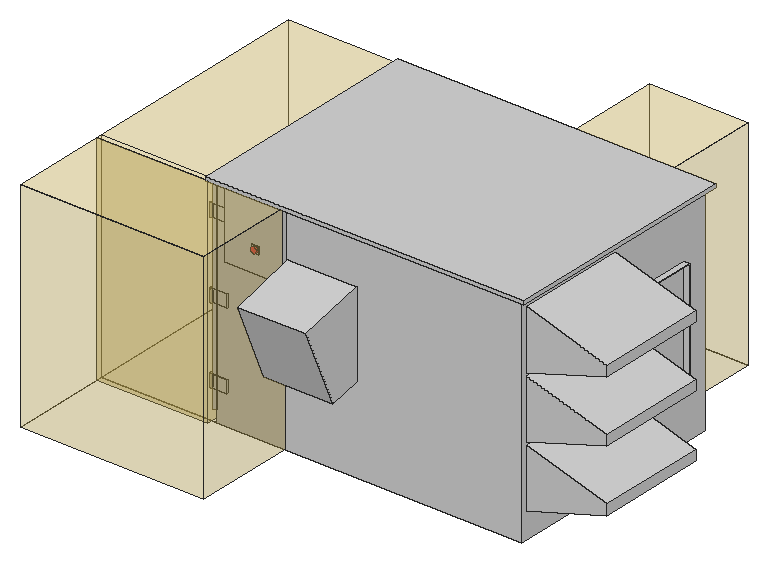
Revit family "Ventilator-RenewAire-Energy-Recovery-HE8XRTH", category Mechanical Equipment, Revit 2015
Parameters (values of type "7.5 HP 575V Three Phase")
  Voltage = "575"
  Ventilation Type = "Static Plate, Heat and Humidity Transfer"
  Unit Width = "140-1/2\""
  Unit Weight = "2,232 - 2,914 lbs."
  Unit Length = "106-1/2\""
  Unit Height = "81-3/4\""
  Unit = Metal - RenewAire - Anodized - Gray Text
  URL = "www.renewaire.com"
  Typical Airflow Range = "2,000-7,950 CFM"
  Standard Features = "TEFC Premium efficiency motors, Motor starters, Non-fused disconnect, 24 VAC transformer/relay package"
  Shipping Weight = "3,254 lbs."
  Service Area Visibility = yes
  Service Area Box = Interference - RenewAire - Smooth - Light - Gold
  Revit Object Download Link = ""
  Phase = "Three"
  Options = "Integrated programmable controls, Fused disconnect, Double wall construction, Factory supplied and mounted variable frequency drives (VFDs) - one or both airstreams, Class 1 low-leakage motorized isolation dampers - OA, EA or both airstreams, Qty. 2 Factory mounted filter alarms, Exterior Paint - white, custom colors"
  Number Motors = "Qty. 2, Belt drive blower/ standard motor packages with adjustable sheaves"
  Model = "HE8XRTH"
  Minimum Circuit Amps = "17.1 A"
  Maximum Overcurrent Protection = "20 A"
  Max. Shipping Width = "90\""
  Max. Shipping Length = "116\""
  Max. Shipping Height = "90\""
  Manufacturer = "RenewAire LLC"
  Frequency = "60 HZ"
  FLA per Motor = "7.6"
  Description = "Energy Recovery Ventilator"
  Connector Base Material = Glass - With - Transparency
  Accessories = "Filters - MERV 13, 2\" (shipped loose), Roof curb - standard 14\", Curb wind clip, Engineered combo curb for Carrier RTU, Engineered combo curb for Trane RTU, Digital time clock - wall mount(TC7D-W), in exterior enclosure (TC7D-E), Motion occupancy control - ceiling mount(MC-C), wall mount(MC-W), Carbon Dioxide control - wall mount (CO2-W), duct mount(CO2-D), Electric duct heater – EK series (1-60 kW), EH series (61-175 kW); designed for indoor ductwork installation only, Indirect gas-fired duct furnace - GH series (50-400 MBH), installed downstream of any fans"
  AHRI 1060 Certified Core = "Eight L125-G5"
Types (10): name | Voltage | Minimum Circuit Amps | Maximum Overcurrent Protection | FLA per Motor
  (no name) | "575" | "17.1 A" | "20 A" | "7.6"
  5.0 HP 208-230V Three Phase | "208-230" | "32.6 A" | "45 A" | "14.5-13.4"
  5.0 HP 460V Three Phase | "460" | "15.1 A" | "20 A" | "6.7"
  5.0 HP 575V Three Phase | "575" | "11.9 A" | "15 A" | "5.3"
  7.5 HP 208-230V Three Phase | "208-230" | "47.3 A" | "60 A" | "21.0-19.0"
  7.5 HP 460V Three Phase | "460" | "21.4 A" | "25 A" | "9.5"
  7.5 HP 575V Three Phase | "575" | "17.1 A" | "20 A" | "7.6"
  10.0 HP 208-230V Three Phase | "208-230" | "60.8" | "80" | "27.0-25.0"
  10.0 HP 460V Three Phase | "460" | "28.1" | "35" | "12.5"
  10.0 HP 575V Three Phase | "575" | "22.0" | "30" | "9.76"
Reference planes (in)
  plane 1 "Center (Front/Back)": y = 0
  plane 2: z = 0
  plane 3 "Center (Left/Right)": x = 0
  plane 4: y = 41.875
  plane 5: y = -41.875
  plane 6: x = 56.3125
  plane 7: x = -57.1875
  plane 8: z = 82
  plane 9: x = -4.5625
  plane 10: x = -28.8125
Forms (in)
  Extrusion 1, solid, material "Metal - RenewAire - Anodized - Gray Text" <- "Unit"
    sketch origin (0, 0, 0) x (1, 0, 0) y (0, 1, 0)
      loop
        line (-54, 40.5) -> (-54, -40.5) -> (54, -40.5) -> (54, 40.5) -> (-54, 40.5)
    from 0 to 77
  Extrusion 2, solid, material "Metal - RenewAire - Anodized - Gray Text"
    sketch origin (0, 0, 0) x (1, 0, 0) y (0, 1, 0)
      loop
        line (-56.3125, 42.5) -> (-56.3125, -42.5) -> (56.3125, -42.5) -> (56.3125, 42.5) -> (-56.3125, 42.5)
    from 77 to 78.25
  Extrusion 3, solid, material "Metal - RenewAire - Anodized - Gray Text"
    sketch origin (0, 0, 0) x (1, 0, 0) y (0, 1, 0)
      loop
        line (-54, -40.5) -> (-54, -1.25) -> (-55.5625, -1.25) -> (-55.5625, -40.5) -> (-54, -40.5)
    from 4 to 76
  Extrusion 4, solid, material "Metal - RenewAire - Anodized - Gray Text"
    sketch origin (0, 41.75, 0) x (1, 0, 0) y (0, 1, 0)
      loop
        line (-54, -40.5) -> (-54, -1.25) -> (-55.5625, -1.25) -> (-55.5625, -40.5) -> (-54, -40.5)
    from 4 to 76
  Extrusion 5, solid, material "Metal - RenewAire - Anodized - Gray Text"
    sketch origin (0, 0, 0) x (1, 0, 0) y (0, 0, 1)
      loop
        line (-55.5625, 15.181) -> (-55.5625, 10.75) -> (-50.25, 10.75) -> (-50.25, 15.181) -> (-55.5625, 15.181)
      loop
        line (-55.5625, 42.222) -> (-55.5625, 37.778) -> (-50.25, 37.778) -> (-50.25, 42.222) -> (-55.5625, 42.222)
      loop
        line (-55.5625, 69.25) -> (-55.5625, 64.819) -> (-50.25, 64.819) -> (-50.25, 69.25) -> (-55.5625, 69.25)
    from 40.5 to 40.625
  Extrusion 6, solid, material "Metal - RenewAire - Anodized - Gray Text"
    sketch origin (0, 0, 0) x (1, 0, 0) y (0, 0, 1)
      loop
        line (-55.5625, 15.181) -> (-55.5625, 10.75) -> (-50.25, 10.75) -> (-50.25, 15.181) -> (-55.5625, 15.181)
      loop
        line (-55.5625, 42.222) -> (-55.5625, 37.778) -> (-50.25, 37.778) -> (-50.25, 42.222) -> (-55.5625, 42.222)
      loop
        line (-55.5625, 69.25) -> (-55.5625, 64.819) -> (-50.25, 64.819) -> (-50.25, 69.25) -> (-55.5625, 69.25)
    from -40.625 to -40.5
  Extrusion 7, solid, material "Metal - RenewAire - Anodized - Gray Text"
    sketch origin (0, 0, 0) x (1, 0, 0) y (0, 1, 0)
      loop
        circle (-55.9375, -40.5) r 0.375
    from 10.75 to 15.181
  Extrusion 8, solid, material "Metal - RenewAire - Anodized - Gray Text"
    sketch origin (0, 0, 0) x (1, 0, 0) y (0, 1, 0)
      loop
        circle (-55.9375, -40.5) r 0.375
    from 37.778 to 42.222
  Extrusion 9, solid, material "Metal - RenewAire - Anodized - Gray Text"
    sketch origin (0, 0, 0) x (1, 0, 0) y (0, 1, 0)
      loop
        circle (-55.9375, -40.5) r 0.375
    from 64.819 to 69.25
  Extrusion 10, solid, material "Metal - RenewAire - Anodized - Gray Text"
    sketch origin (0, 81, 0) x (1, 0, 0) y (0, 1, 0)
      loop
        circle (-55.9375, -40.5) r 0.375
    from 10.75 to 15.181
  Extrusion 11, solid, material "Metal - RenewAire - Anodized - Gray Text"
    sketch origin (0, 81, 0) x (1, 0, 0) y (0, 1, 0)
      loop
        circle (-55.9375, -40.5) r 0.375
    from 37.778 to 42.222
  Extrusion 12, solid, material "Metal - RenewAire - Anodized - Gray Text"
    sketch origin (0, 81, 0) x (1, 0, 0) y (0, 1, 0)
      loop
        circle (-55.9375, -40.5) r 0.375
    from 64.819 to 69.25
  Extrusion 13, void
    sketch origin (0, 0, 0) x (1, 0, 0) y (0, 0, 1)
      loop
        line (-9.9375, 32) -> (-25.8125, 32) -> (-25.8125, 10.25) -> (-9.9375, 10.25) -> (-9.9375, 32)
    from -40.625 to -37.83362
  Extrusion 14, solid, material "Metal - RenewAire - Anodized - Gray Text"
    sketch origin (0, 0, 0) x (1, 0, 0) y (0, 0, 1)
      loop
        line (-50.25, 77) -> (-50.25, 53) -> (-29.75, 53) -> (-29.75, 77) -> (-50.25, 77)
    from 40.5 to 41.75
  Extrusion 15, solid, material "Metal - RenewAire - Anodized - Gray Text"
    sketch origin (0, 0, 0) x (1, 0, 0) y (0, 0, 1)
      loop
        line (-40.6, 62.1) -> (-40.6, 59.6) -> (-38.1, 59.6) -> (-38.1, 62.1) -> (-40.6, 62.1)
    from 41.75 to 41.875
  Extrusion 16, solid, material "Plastic Red"
    sketch origin (0, 0, 0) x (1, 0, 0) y (0, 0, 1)
      loop
        circle (-39.35, 60.85) r 1
    from 41.75 to 42.5
  Extrusion 17, solid, material "Metal - RenewAire - Anodized - Gray Text"
    sketch origin (0, 0, 0) x (0, 1, 0) y (0, 0, 1)
      loop
        circle (-3.25, 67.0345) r 0.25
    from -56.3125 to -55.5625
  Extrusion 18, solid, material "Metal - RenewAire - Anodized - Gray Text"
    sketch origin (0, 0, 0) x (1, 0, 0) y (0, 0, 1)
      loop
        line (-56.3125, 67.2845) -> (-57.1875, 67.2845) -> (-57.1875, 66.7845) -> (-56.3125, 66.7845) -> (-56.3125, 67.2845)
    from 2.95437 to 6.64353
  Extrusion 19, solid, material "Metal - RenewAire - Anodized - Gray Text"
    sketch origin (0, 0, -54.0845) x (0, 1, 0) y (0, 0, 1)
      loop
        circle (-3.25, 67.0345) r 0.25
    from -56.3125 to -55.5625
  Extrusion 20, solid, material "Metal - RenewAire - Anodized - Gray Text"
    sketch origin (0, 0, -54.0845) x (1, 0, 0) y (0, 0, 1)
      loop
        line (-56.3125, 67.2845) -> (-57.1875, 67.2845) -> (-57.1875, 66.7845) -> (-56.3125, 66.7845) -> (-56.3125, 67.2845)
    from 2.95437 to 6.64353
  Extrusion 21, solid, material "Metal - RenewAire - Anodized - Gray Text"
    sketch origin (0, -0.02735, 79.9845) x (0, -1, 0) y (0, 0, -1)
      loop
        circle (-3.25, 67.0345) r 0.25
    from -56.3125 to -55.5625
  Extrusion 22, solid, material "Metal - RenewAire - Anodized - Gray Text"
    sketch origin (0, -0.02735, 79.9845) x (1, 0, 0) y (0, 0, -1)
      loop
        line (-56.3125, 67.2845) -> (-57.1875, 67.2845) -> (-57.1875, 66.7845) -> (-56.3125, 66.7845) -> (-56.3125, 67.2845)
    from 2.95437 to 7.02735
  Extrusion 23, solid, material "Metal - RenewAire - Anodized - Gray Text"
    sketch origin (0, -0.02735, 134.069) x (0, -1, 0) y (0, 0, -1)
      loop
        circle (-3.25, 67.0345) r 0.25
    from -56.3125 to -55.5625
  Extrusion 24, solid, material "Metal - RenewAire - Anodized - Gray Text"
    sketch origin (0, -0.02735, 134.069) x (1, 0, 0) y (0, 0, -1)
      loop
        line (-56.3125, 67.2845) -> (-57.1875, 67.2845) -> (-57.1875, 66.7845) -> (-56.3125, 66.7845) -> (-56.3125, 67.2845)
    from 2.95437 to 7.02735
  Extrusion 25, solid, material "Metal - RenewAire - Anodized - Gray Text"
    sketch origin (0, 40.875, 0) x (0, 1, 0) y (0, 0, 1)
      loop
        line (-34, 58) -> (-34, 22) -> (-10, 22) -> (-10, 58) -> (-34, 58)
      loop
        line (-33.875, 57.875) -> (-33.875, 22.125) -> (-10.125, 22.125) -> (-10.125, 57.875) -> (-33.875, 57.875)
    from 54 to 56.3125
  Extrusion 26, solid, material "Metal - RenewAire - Anodized - Gray Text"
    sketch origin (0, 0, 0) x (1, 0, 0) y (0, 1, 0)
      loop
        line (40.5, 40.5) -> (40.5, 41.875) -> (5.75, 41.875) -> (5.75, 40.5) -> (40.5, 40.5)
    from 4 to 76
  Extrusion 27, solid, material "Metal - RenewAire - Anodized - Gray Text"
    sketch origin (46.25, -13.6875, 0) x (0, -1, 0) y (0, 0, 1)
      loop
        line (-55.5625, 15.181) -> (-55.5625, 10.75) -> (-54.1875, 10.75) -> (-54.1875, 15.181) -> (-55.5625, 15.181)
      loop
        line (-55.5625, 42.222) -> (-55.5625, 37.778) -> (-54.1875, 37.778) -> (-54.1875, 42.222) -> (-55.5625, 42.222)
      loop
        line (-55.5625, 69.25) -> (-55.5625, 64.819) -> (-54.1875, 64.819) -> (-54.1875, 69.25) -> (-55.5625, 69.25)
    from 40.5 to 40.625
  Extrusion 28, solid, material "Metal - RenewAire - Anodized - Gray Text"
    sketch origin (46.25, -13.6875, 0) x (0, -1, 0) y (1, 0, 0)
      loop
        circle (-55.9375, -40.5) r 0.375
    from 10.75 to 15.181
  Extrusion 29, solid, material "Metal - RenewAire - Anodized - Gray Text"
    sketch origin (46.25, -13.6875, 0) x (0, -1, 0) y (1, 0, 0)
      loop
        circle (-55.9375, -40.5) r 0.375
    from 37.778 to 42.222
  Extrusion 30, solid, material "Metal - RenewAire - Anodized - Gray Text"
    sketch origin (46.25, -13.6875, 0) x (0, -1, 0) y (1, 0, 0)
      loop
        circle (-55.9375, -40.5) r 0.375
    from 64.819 to 69.25
  Extrusion 31, solid, material "Metal - RenewAire - Anodized - Gray Text"
    sketch origin (0, 0, 0.09434) x (1, 0, 0) y (0, 0, 1)
      loop
        circle (38.5, 67.0345) r 0.5
      loop
        circle (38.5, 12.9655) r 0.5
    from -42.63934 to -41.875
  Extrusion 32, solid, material "Metal - RenewAire - Anodized - Gray Text"
    sketch origin (0, 0, 0) x (1, 0, 0) y (0, 1, 0)
      loop
        line (39, 42.63934) -> (39, 43.13934) -> (35, 43.13934) -> (35, 42.63934) -> (39, 42.63934)
    from 12.54402 to 13.57826
  Extrusion 33, solid, material "Metal - RenewAire - Anodized - Gray Text"
    sketch origin (0, 0, 0) x (1, 0, 0) y (0, 1, 0)
      loop
        line (39, 42.63934) -> (39, 43.13934) -> (35, 43.13934) -> (35, 42.63934) -> (39, 42.63934)
    from 66.62861 to 67.65618
  Extrusion 34, solid, material "Metal - RenewAire - Anodized - Gray Text"
    sketch origin (0, 0, 0) x (1, 0, 0) y (0, 1, 0)
      loop
        line (39, 42.42236) -> (36.93236, 42.42236) -> (35.90842, 43.13934) -> (35.90842, 42.63934) -> (37, 41.875) -> (39, 41.875) -> (39, 42.42236)
    from 39.5 to 40.5
  Extrusion 35, solid, material "Metal - RenewAire - Anodized - Gray Text"
    sketch origin (0, 0, 0) x (1, 0, 0) y (0, 1, 0)
      loop
        circle (35.90842, 42.88934) r 0.25
    from 37.778 to 42.222
  Extrusion 36, solid, material "Interference - RenewAire - Smooth - Light - Gold" <- "Service Area Box", visible <- "Service Area Visibility"
    sketch origin (0, 0, 0) x (1, 0, 0) y (0, 1, 0)
      loop
        line (5.625, 41.875) -> (40.5, 41.875) -> (40.5, 76.625) -> (5.625, 76.625) -> (5.625, 41.875)
    from 0 to 77
  Extrusion 37, solid, material "Interference - RenewAire - Smooth - Light - Gold", visible <- "Service Area Visibility"
    sketch origin (0, 0, 0) x (1, 0, 0) y (0, 1, 0)
      loop
        line (-55.5625, 42.5) -> (-94.8125, 42.5) -> (-94.8125, -42.5) -> (-55.5625, -42.5) -> (-55.5625, 42.5)
    from 0 to 77
  Extrusion 38, solid, material "Interference - RenewAire - Smooth - Light - Gold", visible <- "Service Area Visibility"
    sketch origin (0, 0, 0) x (1, 0, 0) y (0, 1, 0)
      loop
        line (-29.75, -40.5) -> (-94.8125, -40.5) -> (-94.8125, -76.5) -> (-29.75, -76.5) -> (-29.75, -40.5)
    from 0 to 77
  Extrusion 39, solid, material "Metal - RenewAire - Anodized - Gray Text"
    sketch origin (0, 0, 0) x (1, 0, 0) y (0, 0, 1)
      loop
        line (54, 9.25) -> (82.75, 18) -> (82.75, 21.5) -> (54, 30.25) -> (54, 9.25)
    from -0.75 to 38.875
  Extrusion 40, solid, material "Metal - RenewAire - Anodized - Gray Text"
    sketch origin (0, 0, 22) x (1, 0, 0) y (0, 0, 1)
      loop
        line (54, 9.25) -> (82.75, 18) -> (82.75, 21.5) -> (54, 30.25) -> (54, 9.25)
    from -0.75 to 38.875
  Extrusion 41, solid, material "Metal - RenewAire - Anodized - Gray Text"
    sketch origin (0, 0, 44) x (1, 0, 0) y (0, 0, 1)
      loop
        line (54, 9.25) -> (82.75, 18) -> (82.75, 21.5) -> (54, 30.25) -> (54, 9.25)
    from -0.75 to 38.875
  Extrusion 42, solid, material "Metal - RenewAire - Anodized - Gray Text"
    sketch origin (0, 0, 0) x (0, 1, 0) y (0, 0, 1)
      loop
        line (-40.5, 30.5) -> (-40.5, 60.625) -> (-62.87454, 55.29773) -> (-51, 28) -> (-40.5, 30.5)
    from -28.8125 to -4.5625
  Extrusion 43, void
    sketch origin (0, 0, 0) x (1, 0, 0) y (0, 1, 0)
      loop
        line (-53.5, 40) -> (-53.5, -40) -> (53.5, -40) -> (53.5, 40) -> (-53.5, 40)
    from -3.19513 to 4.625
Cuts and joins
  Extrusion 13, Extrusion 43 cuts Extrusion 1
Dimensions and locks (in)
  aligned and locked: level to plane 2
Nested families (in)
  nested 1: "Monitoring Port" at (28.5, 42.75, 60.778), type "Monitoring Port"
  nested 2: "Monitoring Port" at (17.75, 42.75, 60.778), type "Monitoring Port"
  nested 3: "Monitoring Port" at (28.5, 42.75, 48.778), type "Monitoring Port"
  nested 4: "Monitoring Port" at (17.75, 42.75, 48.778), type "Monitoring Port"
Connectors (in)
  hvac at (54, 18.875, 40)
    settings: on Extrusion 25, index 2, duct flow 0 CFM, flow factor 0, pres drop 0.00 in-wg, loss coef 0, conn angle 0.00°, conn width 24", conn height 36", conn diameter 24", duct sys type 2, conn prof type 1, flow config 0, flow direction 1, loss method 0, conn ref index -1, conn util no, is conn primary yes, conn desc "RA (Return Air)"
  hvac at (-17.875, 37.83362, 21.125)
    settings: on cut or joined group of Extrusion 1, Extrusion 13, Extrusion 43, index 4, duct flow 0 CFM, flow factor 0, pres drop 0.00 in-wg, loss coef 0, conn angle 0.00°, conn width 15 7/8", conn height 21 3/4", conn diameter 24", duct sys type 1, conn prof type 1, flow config 0, flow direction 2, loss method 0, conn ref index -1, conn util no, is conn primary no, conn desc "FA (Fresh Air)"
Definition of nested family "Monitoring Port"
  Parameters (values of type "Monitoring Port")
    URL = "www.renewaire.com"
    Revit Object Download Link = ""
    Model = ""
    Manufacturer = "RenewAire LLC"
    Description = "Monitoring Ports"
  Reference planes (in)
    plane 1 "Center (Front/Back)": y = 0
    plane 2: z = 0
    plane 3 "Center (Left/Right)": x = 0
  Forms (in)
    Extrusion 1, solid
      sketch origin (-9.43348, 0, 37.76669) x (-1, 0, 0) y (0, 0, -1)
        loop
          line (-9.53348, 35.65895) -> (-9.94097, 35.42369) -> (-9.94097, 34.83769) -> (-9.43348, 34.54469) -> (-8.92599, 34.83769) -> (-8.92599, 35.42369) -> (-9.33348, 35.65895) -> (-9.33348, 37.28756)
          arc (-9.33348, 37.28756) -> (-9.43348, 37.76669) -> (-9.53348, 37.28756) r 0.25
          line (-9.53348, 37.28756) -> (-9.53348, 35.65895)
      from 0 to 0.25
  Dimensions and locks (in)
    aligned and locked: level to plane 2
